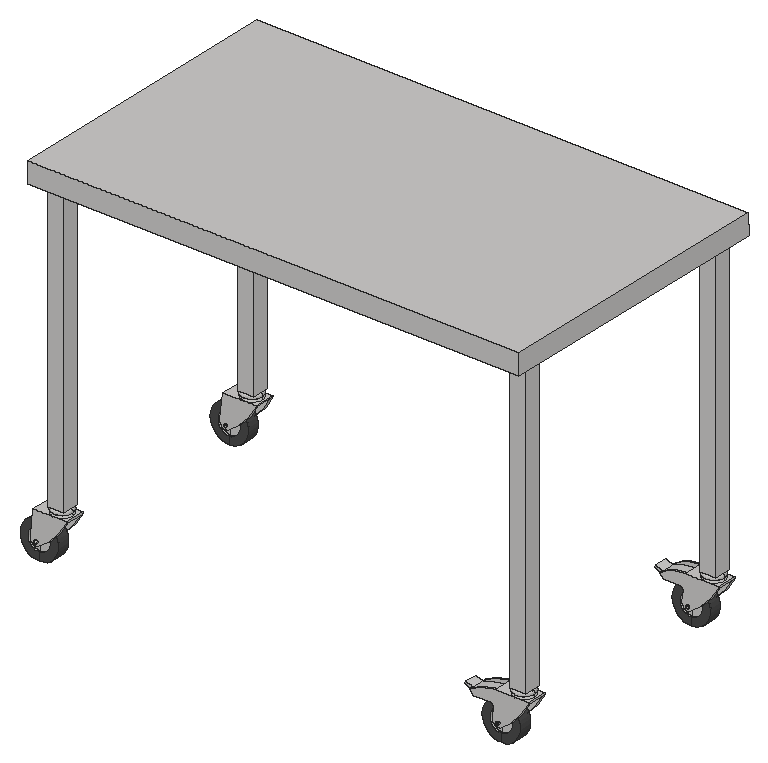
Revit family "QF_ELECTROLUXPROFESSIONAL_132835_TG1200PR", category Attrezzature speciali, Revit 2020
Family settings
  Quota connettore circolare = Usa diametro
  Tipo di parte = Normale
  Basato su piano di lavoro = No
  Sempre verticale = Sì
  Taglio con vuoti quando caricato = No
  Condiviso = No
  Punto di calcolo locali = No
Parameters (values of type "Standard")
  Weight = 40.00 kg
  Watts = 0 W
  Volts = 0 V
  URL Manufacturer = "https://www.electroluxprofessional.com/"
  URL = "https://www.electroluxprofessional.com/"
  Steam Supply Size = 0 mm
  Steam Supply Minimum Pressure = 0.0 Pa
  Steam Supply Maximum Pressure = 0.0 Pa
  Steam Consumption per Hour = 0
  Refrigeration Suction Line Size = 0.0 mm
  Refrigeration Liquid Line Size = 0.0 mm
  Refrigerant Compressor Remote = yes
  Prospetto di default = 0.0 mm
  Produttore = "Electrolux Professional"
  Phase = 0
  Modello = "TG1200PR"
  Length Actual = 1200.0 mm  # constant formula
  Item Number = "132835"
  Hot Water Size = 0 mm
  Height Actual = 900.0 mm  # constant formula
  HP = "0 HP"
  Gas Size = 0 mm
  Gas KW = 0
  Gas Input Pressure = 0 W
  Direct Waste Size = 0 mm
  Descrizione = "WORK TABLE ON WHEELS 1200MM H900"
  Depth Actual = 700.0 mm  # constant formula
  Cycle = 0 Hz
  Condensate Return Size = 0 mm
  Compressed Air Volume = 0.0 L/s
  Compressed Air Size = 0 mm
  Compressed Air Pressure = 0.0 Pa
  Cold Water Size = 0 mm
  Accessory = yes
Reference planes
  plane 1 "Center (Front/Back)": y = 0
  plane 2: z = 0
  plane 3 "Center (Left/Right)": x = 0
  plane 4 "LEFT": x = -600
  plane 5 "RIGHT": x = 600
  plane 6 "BACK": y = 350
  plane 7 "FRONT": y = -350
  plane 8 "Base": z = 850
  plane 9 "TOP": z = 900
  plane 10: x = -564.5
  plane 11: x = 564.5
  plane 12: y = 290
  plane 13: y = -290
Forms (mm)
  Extrusion 1, solid, material "QF_Finishes_Stainless Steel"
    sketch origin (0, 0, 900) x (0, 1, 0) y (-1, 0, 0)
      loop
        line (350, 600) -> (-350, 600) -> (-350, -600) -> (350, -600) -> (350, 600)
    from 0 to -50
  Extrusion 2, solid, material "QF_Finishes_Stainless Steel"
    sketch origin (0, 0, 0) x (0, 1, 0) y (0, 0, 1)
      loop
        line (350, 900) -> (-350, 900) -> (-350, 850) -> (350, 850) -> (350, 900)
    from 600 to -600
Lines and regions (mm)
  symbolic lines
    curve 1: line (600, 350, 900) -> (-600, 350, 900)
    curve 2: line (-600, 350, 900) -> (-600, -350, 900)
    curve 3: line (-600, -350, 900) -> (600, -350, 900)
    curve 4: line (600, -350, 900) -> (600, 350, 900)
Dimensions and locks
  plane 4 "LEFT" to plane 5 "RIGHT" = 1200.0 mm
  equal spacing: plane 4 "LEFT", plane 3 "Center (Left/Right)", plane 5 "RIGHT"
  equal spacing: plane 6 "BACK", plane 1 "Center (Front/Back)", plane 7 "FRONT"
  plane 6 "BACK" to plane 7 "FRONT" = 700.0 mm
  plane 8 "Base" to level = 850.0 mm
  plane 9 "TOP" to level = 900.0 mm
  plane 6 "BACK" to plane 12 = 60.0 mm
  plane 13 to plane 7 "FRONT" = 60.0 mm
  plane 4 "LEFT" to plane 10 = 35.5 mm
  plane 11 to plane 5 "RIGHT" = 35.5 mm
  plane 10 to plane 11 = 1129.0 mm
  plane 12 to plane 13 = 580.0 mm
  aligned and locked: level to plane 2
  aligned and locked: plane 10 to nested 1
  aligned and locked: nested 1 to plane 13
  aligned and locked: plane 11 to nested 2
  aligned and locked: nested 2 to plane 13
  aligned and locked: plane 11 to nested 4
  aligned and locked: nested 4 to plane 12
  aligned and locked: plane 10 to nested 3
  aligned and locked: nested 3 to plane 12
  aligned and locked: Extrusion 1 sketch curve to plane 6 "BACK"
  aligned and locked: Extrusion 1 sketch curve to plane 4 "LEFT"
  aligned and locked: Extrusion 1 sketch curve to plane 7 "FRONT"
  aligned and locked: Extrusion 1 sketch curve to plane 5 "RIGHT"
  aligned and locked: plane 12 to nested 6
  aligned and locked: plane 11 to nested 6
  aligned and locked: plane 13 to nested 5
  aligned and locked: plane 10 to nested 5
  aligned and locked: plane 12 to nested 7
  aligned and locked: plane 10 to nested 7
  aligned and locked: plane 11 to nested 8
  aligned and locked: plane 13 to nested 8
  aligned and locked: Extrusion 2 sketch curve to plane 6 "BACK"
  aligned and locked: Extrusion 2 sketch curve to plane 9 "TOP"
  aligned and locked: plane 8 "Base" to Extrusion 2 sketch curve
  aligned and locked: plane 7 "FRONT" to Extrusion 2 sketch curve
  aligned and locked: Extrusion 2 to plane 4 "LEFT"
  aligned and locked: plane 5 "RIGHT" to Extrusion 2
  aligned and locked: plane 6 "BACK" to Extrusion 2
  aligned and locked: Extrusion 2 to plane 7 "FRONT"
Automatic sketch dimensions
  curve 2 to plane 4 "LEFT" = 0.0 mm
  curve 2 to plane 7 "FRONT" = 0.0 mm
  curve 2 to plane 6 "BACK" = 0.0 mm
  curve 1 to plane 5 "RIGHT" = 0.0 mm
Nested families
  nested 1: "FEET_40x40_WHEEL" at (-564.5, -290, 0), type "FEET_40x40_WHEEL"
  nested 2: "FEET_40x40_WHEEL" at (564.5, -290, 0), type "FEET_40x40_WHEEL"
  nested 3: "FEET_40x40_WHEEL" at (-564.5, 290, 0), type "FEET_40x40_WHEEL"
  nested 4: "FEET_40x40_WHEEL" at (564.5, 290, 0), type "FEET_40x40_WHEEL"
  nested 5: "WHEEL130" at (-564.5, -190.35, 0), type "WHEEL130"
    with Type Mark "", Status "", Specification by User "", Revision Code "", Installed By "", Identify Quantity as Lot yes, Furnished By "", Foodservice Equipment Identifier yes
  nested 6: "WHEEL130_LOCKED" at (564.5, 389.65, 0), type "WHEEL130_LOCKED"
    with Type Mark "", Status "", Specification by User "", Revision Code "", Installed By "", Identify Quantity as Lot yes, Furnished By "", Foodservice Equipment Identifier yes
  nested 7: "WHEEL130" at (-564.5, 389.65, 0), type "WHEEL130"
    with Type Mark "", Status "", Specification by User "", Revision Code "", Installed By "", Identify Quantity as Lot yes, Furnished By "", Foodservice Equipment Identifier yes
  nested 8: "WHEEL130_LOCKED" at (564.5, -190.35, 0), type "WHEEL130_LOCKED"
    with Type Mark "", Status "", Specification by User "", Revision Code "", Installed By "", Identify Quantity as Lot yes, Furnished By "", Foodservice Equipment Identifier yes
Definition of nested family "FEET_40x40_WHEEL"
  Parameters
    Default Elevation = 0.0 mm
    FEET = 850.0 mm
  Reference planes
    plane 1 "Center (Front/Back)": y = 0
    plane 2: z = 0
    plane 3 "Center (Left/Right)": x = 0
    plane 4: z = 850
  Forms (mm)
    Extrusion 1, solid
      sketch origin (0, 0, 0) x (1, 0, 0) y (0, 1, 0)
        loop
          line (-20, -20) -> (20, -20) -> (20, 20) -> (-20, 20) -> (-20, -20)
      from 130 to 845
    Extrusion 2, solid
      sketch origin (0, 0, 0) x (1, 0, 0) y (0, 1, 0)
        loop
          line (30, 30) -> (-30, 30) -> (-30, -30) -> (30, -30) -> (30, 30)
      from 845 to 850
  Lines and regions (mm)
    symbolic lines
      curve 1: line (0, -1.503, 0) -> (0, 1.508, 0)
      curve 2: line (1.561, 0, 0) -> (-1.439, 0, 0)
  Dimensions and locks
    "FEET": plane 4 to plane 2
    aligned and locked: level to plane 2
  Automatic sketch dimensions
    Extrusion 1 sketch curve to plane 3 "Center (Left/Right)" = 20.0 mm
    plane 3 "Center (Left/Right)" to Extrusion 1 sketch curve = 20.0 mm
    plane 1 "Center (Front/Back)" to Extrusion 1 sketch curve = 20.0 mm
    Extrusion 1 sketch curve to plane 1 "Center (Front/Back)" = 20.0 mm
    plane 3 "Center (Left/Right)" to Extrusion 2 sketch curve = 30.0 mm
    Extrusion 2 sketch curve to plane 1 "Center (Front/Back)" = 30.0 mm
    Extrusion 2 sketch curve to plane 3 "Center (Left/Right)" = 30.0 mm
    plane 1 "Center (Front/Back)" to Extrusion 2 sketch curve = 30.0 mm
    plane 1 "Center (Front/Back)" to curve 2 = 0.0 mm
    curve 1 to plane 3 "Center (Left/Right)" = 0.0 mm
    curve 2 to plane 3 "Center (Left/Right)" = 1.439 mm
    plane 3 "Center (Left/Right)" to curve 2 = 1.561 mm
    plane 1 "Center (Front/Back)" to curve 1 = 1.503 mm
    curve 1 to plane 1 "Center (Front/Back)" = 1.508 mm
Definition of nested family "WHEEL130"
  Parameters
    Weight = ""
    URL Manufacturer = ""
    URL Cutsheet = ""
    URL = ""
    Type Mark [instance] = ""
    Status [instance] = ""
    Specification by User [instance] = ""
    Specification by Manufacturer = ""
    Serial Number = ""
    Seismic Rating = ""
    SMACNA No = ""
    Revision Code [instance] = ""
    Default Elevation = 0.0 mm
    Omniclass Number and Title = ""
    NAFEM Spec ID Number = ""
    Model = ""
    MasterSpec. = ""
    Manufacturer = ""
    Installed By [instance] = ""
    Identify Quantity as Lot [instance] = yes
    Furnished By [instance] = ""
    Foodservice Equipment Identifier [instance] = yes
    Description = ""
    CSI MasterFormat = ""
    CSI Master Format = ""
    Assembly Code = ""
  Reference planes
    plane 1: z = 0
    plane 2 "Center (Front/Back)": y = -99.65
    plane 3 "Center (Left/Right)": x = 0
    plane 4 "TOP": z = 130
    plane 5 "Center X Caster": x = -44
  Forms (mm)
    Revolve 1, solid
      sketch origin (-44, -53.609, -25.504) x (0, -1, 0) y (0, 0, 1)
        loop
          line (26.04, 72.523) -> (26.04, 66.136) -> (35.372, 66.136) -> (35.372, 45.418) -> (31.533, 45.418) -> (31.533, 25.504) -> (60.548, 25.504) -> (60.548, 45.418) -> (56.709, 45.418) -> (56.709, 66.136) -> (66.04, 66.136) -> (66.04, 72.523) -> (26.04, 72.523)
        loop
          line (71.04, 69.259) -> (72.755, 69.259) -> (74.056, 70.56) -> (74.056, 72.523) -> (71.04, 72.523) -> (71.04, 69.259)
        loop
          line (21.099, 69.259) -> (21.099, 72.523) -> (18.053, 72.523) -> (18.053, 70.56) -> (19.353, 69.259) -> (21.099, 69.259)
        axis (18.053, 72.523) -> (74.056, 72.523)
      angle from 0 to 360
    Extrusion 2, solid
      sketch origin (0, -99.65, 0) x (-1, 0, 0) y (0, 0, 1)
        loop
          line (51.098, 117.019) -> (-30.875, 117.019) -> (-30.453, 113.093)
          arc (-30.453, 113.093) -> (-1.61, 71.515) -> (37.622, 39.556) r 180.858
          arc (37.622, 39.556) -> (51.933, 40.484) -> (57.92, 53.515) r 14
          line (57.92, 53.515) -> (51.098, 117.019)
        loop
          circle (44, 47.019) r 3.264
      from -20 to -25
    Extrusion 3, solid
      sketch origin (0, -99.65, 0) x (-1, 0, 0) y (0, 0, 1)
        loop
          line (51.098, 117.019) -> (-30.875, 117.019) -> (-30.453, 113.093)
          arc (-30.453, 113.093) -> (-1.61, 71.515) -> (37.622, 39.556) r 180.858
          arc (37.622, 39.556) -> (51.933, 40.484) -> (57.92, 53.515) r 14
          line (57.92, 53.515) -> (51.098, 117.019)
        loop
          circle (44, 47.019) r 3.264
      from 20 to 25
    Revolve 4, solid
      sketch origin (0, -99.65, 0) x (-1, 0, 0) y (0, 0, 1)
        loop
          line (0, 130) -> (-20, 130)
          arc (-20, 130) -> (-23.905, 128.171) -> (-25, 124) r 5.083
          line (-25, 124) -> (-22.422, 124) -> (-22.422, 121.88) -> (-24.688, 117.019) -> (0, 117.019) -> (0, 130)
        axis (0, 130) -> (0, 117.019)
      angle from 0 to 360
    Extrusion 5, solid
      sketch origin (0, -99.65, 0) x (-1, 0, 0) y (0, 0, 1)
        loop
          line (-30.875, 117.019) -> (-30.453, 113.093) -> (51.519, 113.093) -> (51.098, 117.019) -> (-30.875, 117.019)
      from -20 to 20
  Cuts and joins
    joined: Extrusion 2, Extrusion 3, Extrusion 5
  Lines and regions (mm)
    symbolic lines
      curve 1: line (-10, -99.65, 0) -> (10, -99.65, 0)
      curve 2: line (0, -108.445, 0) -> (0, -90.405, 0)
  Dimensions and locks
    plane 4 "TOP" to level = 130.0 mm  (x3)
    aligned and locked: level to plane 1
Definition of nested family "WHEEL130_LOCKED"
  Parameters
    Weight = ""
    URL Manufacturer = ""
    URL Cutsheet = ""
    URL = ""
    Type Mark [instance] = ""
    Status [instance] = ""
    Specification by User [instance] = ""
    Specification by Manufacturer = ""
    Serial Number = ""
    Seismic Rating = ""
    SMACNA No = ""
    Revision Code [instance] = ""
    Default Elevation = 0.0 mm
    Omniclass Number and Title = ""
    NAFEM Spec ID Number = ""
    Model = ""
    MasterSpec. = ""
    Manufacturer = ""
    Installed By [instance] = ""
    Identify Quantity as Lot [instance] = yes
    Furnished By [instance] = ""
    Foodservice Equipment Identifier [instance] = yes
    Description = ""
    CSI MasterFormat = ""
    CSI Master Format = ""
    Assembly Code = ""
  Reference planes
    plane 1: z = 0
    plane 2 "Center (Front/Back)": y = -99.65
    plane 3 "Center (Left/Right)": x = 0
    plane 4 "TOP": z = 130
    plane 5 "Center X Caster": x = -44
  Forms (mm)
    Revolve 1, solid
      sketch origin (-44, -53.609, -25.504) x (0, -1, 0) y (0, 0, 1)
        loop
          line (26.04, 72.523) -> (26.04, 66.136) -> (35.372, 66.136) -> (35.372, 45.418) -> (31.533, 45.418) -> (31.533, 25.504) -> (60.548, 25.504) -> (60.548, 45.418) -> (56.709, 45.418) -> (56.709, 66.136) -> (66.04, 66.136) -> (66.04, 72.523) -> (26.04, 72.523)
        loop
          line (71.04, 69.259) -> (72.755, 69.259) -> (74.056, 70.56) -> (74.056, 72.523) -> (71.04, 72.523) -> (71.04, 69.259)
        loop
          line (21.099, 69.259) -> (21.099, 72.523) -> (18.053, 72.523) -> (18.053, 70.56) -> (19.353, 69.259) -> (21.099, 69.259)
        axis (18.053, 72.523) -> (74.056, 72.523)
      angle from 0 to 360
    Extrusion 2, solid
      sketch origin (0, -99.65, 0) x (-1, 0, 0) y (0, 0, 1)
        loop
          line (56.125, 117.019) -> (-30.875, 117.019) -> (-30.453, 113.093)
          arc (-30.453, 113.093) -> (-1.61, 71.515) -> (37.622, 39.556) r 180.858
          arc (37.622, 39.556) -> (51.933, 40.484) -> (57.92, 53.515) r 14
          line (57.92, 53.515) -> (55.234, 78.516)
          arc (55.234, 78.516) -> (57.071, 84.203) -> (62.528, 86.637) r 7.337
          line (62.528, 86.637) -> (102.952, 86.637) -> (113.559, 97.243)
          arc (113.559, 97.243) -> (85.909, 110.231) -> (56.125, 117.019) r 142.32
        loop
          circle (44, 47.019) r 3.264
      from -20 to -25
    Extrusion 3, solid
      sketch origin (0, -99.65, 0) x (-1, 0, 0) y (0, 0, 1)
        loop
          line (56.125, 117.019) -> (-30.875, 117.019) -> (-30.453, 113.093)
          arc (-30.453, 113.093) -> (-1.61, 71.515) -> (37.622, 39.556) r 180.858
          arc (37.622, 39.556) -> (51.933, 40.484) -> (57.92, 53.515) r 14
          line (57.92, 53.515) -> (55.234, 78.516)
          arc (55.234, 78.516) -> (57.071, 84.203) -> (62.528, 86.637) r 7.337
          line (62.528, 86.637) -> (102.952, 86.637) -> (113.559, 97.243)
          arc (113.559, 97.243) -> (85.909, 110.231) -> (56.125, 117.019) r 142.32
        loop
          circle (44, 47.019) r 3.264
      from 20 to 25
    Extrusion 4, solid
      sketch origin (0, -99.65, 0) x (-1, 0, 0) y (0, 0, 1)
        loop
          line (133.012, 98.841) -> (130.309, 103.34) -> (113.559, 97.243)
          arc (113.559, 97.243) -> (84.897, 105.851) -> (55.427, 111.06) r 256.377
          line (55.427, 111.06) -> (44.82, 111.06)
          arc (44.82, 111.06) -> (37.781, 106.584) -> (38.85, 98.311) r 7.772
          line (38.85, 98.311) -> (105.452, 92.484) -> (114.112, 87.484) -> (133.012, 98.841)
        loop
          circle (44, 105.324) r 3.494
      from -14.507 to 14.507
    Extrusion 5, solid
      sketch origin (0, -99.65, 0) x (-1, 0, 0) y (0, 0, 1)
        loop
          circle (44, 105.324) r 3.494
      from -20 to 20
    Revolve 6, solid
      sketch origin (0, -99.65, 0) x (-1, 0, 0) y (0, 0, 1)
        loop
          line (0, 130) -> (-20, 130)
          arc (-20, 130) -> (-23.905, 128.171) -> (-25, 124) r 5.083
          line (-25, 124) -> (-22.422, 124) -> (-22.422, 121.88) -> (-24.688, 117.019) -> (0, 117.019) -> (0, 130)
        axis (0, 130) -> (0, 117.019)
      angle from 0 to 360
    Extrusion 7, solid
      sketch origin (0, -99.65, 0) x (-1, 0, 0) y (0, 0, 1)
        loop
          line (-30.875, 117.019) -> (-30.453, 113.093) -> (51.519, 113.093) -> (51.098, 117.019) -> (-30.875, 117.019)
      from -20 to 20
  Cuts and joins
    joined: Extrusion 2, Extrusion 3, Extrusion 7
  Lines and regions (mm)
    symbolic lines
      curve 1: line (11.908, -99.65, 0) -> (-11.403, -99.65, 0)
      curve 2: line (0, -111.652, 0) -> (0, -88.928, 0)
  Dimensions and locks
    plane 4 "TOP" to level = 130.0 mm  (x3)
    aligned and locked: level to plane 1
